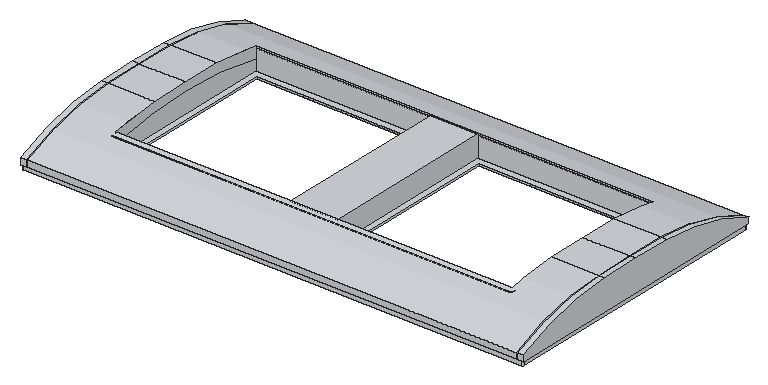
Revit family "Gira_0212808", category Electrical Fixtures, host Face, Revit 2017
Family settings
  Host = Face
  Maintain Annotation Orientation = No
  Round Connector Dimension = Use Diameter
  Part Type = Normal
  Cut with Voids When Loaded = No
  Shared = No
  Room Calculation Point = No
Parameters (values of type "Cov.fr. 2-g interm.fr. AN Gira Event p.white")
  With mounting grid = "No"
  With hinged lid = "No"
  URL = "http://katalog.gira.de/en/datenblatt.html?artikelnr=0212808"
  Type of fastening = "Clamp mounting"
  Transparent = "No"
  Surface protection = "Other"
  Suitable for wall duct = "No"
  Suitable for flush-mounted installation = "Yes"
  Suitable for floor box = "No"
  Suitable for built-in installation = "No"
  Number of units vertical = "2"
  Number of units horizontal = "2"
  Number of units = "2"
  Name = "Cov.fr. 2-g interm.fr. AN Gira Event p.white"
  Mounting direction = "Horizontal and vertical"
  Material quality = "Thermoplastic"
  Material = "Plastic"
  Manufacturer URL = "https://www.gira.de/"
  Manufacturer = "Gira"
  Label space/information surface = "No"
  Keynote = ""
  HeinzeBIM = "https://bimportal.heinze.de/bim/cov-fr-2-g-interm-fr-an-gira-event-p-white/f9400be9b4332244db4957fab69507b3a1bef0f8"
  Halogen free = "Yes"
  HAN = "0212808"
  GTIN = "4010337070122"
  Description = "Cov.fr.2g i.fr.AN Event PW,Gira Event frames,pure white glossy with anthracite intermediate frame,2-gang,Features:,- Shatter-proof."
  Degree of protection (IP) = "IP20"
  Default Elevation = 1219.2 mm
  Data sheet (1) = "https://katalog.gira.de/en/download.html?artikelnr=0212808"
  Colour = "White"
  Category = "Cover frame for domestic switching devices"
  BIM (1) = "https://media.stage.bim.site/public/gira/36a6b08/Event_Rahmen_2fach.rfa"
  Available = "No"
Reference planes
  plane 1 "Center (Front/Back)": y = 0
  plane 2: z = 0
  plane 3 "Center (Left/Right)": x = 0
Forms (mm)
  Extrusion 1, solid, detail levels fine
    sketch origin (0, 0, 0.05) x (0, 1, 0) y (0, 0, 1)
      loop
        arc (12.445, 9.683) -> (6.223, 9.833) -> (0, 9.85) r 291.636
        arc (0, 9.85) -> (-6.223, 9.833) -> (-12.445, 9.683) r 291.636
        arc (-12.445, 9.683) -> (-29.14, 7.482) -> (-45, 1.823) r 79.728
        line (-45, 1.823) -> (-45, -0.05) -> (-42.086, -0.05)
        arc (-42.086, -0.05) -> (-21.385, 5.559) -> (0, 7.206) r 114.424
        arc (0, 7.206) -> (21.385, 5.559) -> (42.086, -0.05) r 114.424
        line (42.086, -0.05) -> (45, -0.05) -> (45, 1.823)
        arc (45, 1.823) -> (29.14, 7.482) -> (12.445, 9.683) r 79.728
    from -78.55 to 78.55
  Extrusion 2, void, detail levels fine
    sketch origin (0, 0, 0) x (1, 0, 0) y (0, 1, 0)
      loop
        line (-63.55, -27.937) -> (63.55, -27.937) -> (63.55, 28.063) -> (-63.55, 28.063) -> (-63.55, -27.937)
    from 0.724 to 11
  Extrusion 3, solid, detail levels coarse
    sketch origin (0, 0, 0) x (1, 0, 0) y (0, 1, 0)
      loop
        line (-80.55, 45) -> (-80.55, -45) -> (80.55, -45) -> (80.55, 45) -> (-80.55, 45)
    from -1.5 to 9.9
  Extrusion 4, solid, detail levels medium
    sketch origin (0, 0, 0.05) x (0, 1, 0) y (0, 0, 1)
      loop
        arc (12.445, 9.683) -> (6.223, 9.833) -> (0, 9.85) r 291.636
        arc (0, 9.85) -> (-6.223, 9.833) -> (-12.445, 9.683) r 291.636
        arc (-12.445, 9.683) -> (-29.14, 7.482) -> (-45, 1.823) r 79.728
        line (-45, 1.823) -> (-45, -0.05) -> (45, -0.05) -> (45, 1.823)
        arc (45, 1.823) -> (29.14, 7.482) -> (12.445, 9.683) r 79.728
    from -80.55 to 80.55
  Extrusion 5, solid, detail levels fine
    sketch origin (-35.55, 0, -1.5) x (0, 1, 0) y (0, 0, -1)
      loop
        line (45, -3.373) -> (45, -1.5) -> (-45, -1.5) -> (-45, -3.373)
        arc (-45, -3.373) -> (-29.14, -9.032) -> (-12.445, -11.233) r 79.728
        arc (-12.445, -11.233) -> (-6.223, -11.383) -> (0, -11.4) r 291.636
        arc (0, -11.4) -> (6.223, -11.383) -> (12.445, -11.233) r 291.636
        arc (12.445, -11.233) -> (29.14, -9.032) -> (45, -3.373) r 79.728
    from 43 to 45
  Extrusion 6, solid, detail levels fine
    sketch origin (0, 0, 0) x (1, 0, 0) y (0, 1, 0)
      loop
        line (-61.45, 25.7) -> (-61.45, -25.7) -> (-9.65, -25.7) -> (-9.65, 25.7) -> (-61.45, 25.7)
      loop
        line (61.45, -25.7) -> (61.45, 25.7) -> (9.65, 25.7) -> (9.65, -25.7) -> (61.45, -25.7)
      loop
        line (-64.445, 28.49) -> (-64.445, -28.495)
        spline (-64.445, -28.495) -> (-64.436, -28.625) -> (-64.411, -28.754) -> (-64.369, -28.878) -> (-64.311, -28.995) -> (-64.238, -29.104) -> (-64.152, -29.202) -> (-64.054, -29.288) -> (-63.945, -29.361) -> (-63.828, -29.419) -> (-63.704, -29.461) -> (-63.575, -29.486) -> (-63.445, -29.495)
        line (-63.445, -29.495) -> (63.445, -29.495)
        spline (63.445, -29.495) -> (63.575, -29.486) -> (63.704, -29.461) -> (63.828, -29.419) -> (63.945, -29.361) -> (64.054, -29.288) -> (64.152, -29.202) -> (64.238, -29.104) -> (64.311, -28.995) -> (64.369, -28.878) -> (64.411, -28.754) -> (64.436, -28.625) -> (64.445, -28.495)
        line (64.445, -28.495) -> (64.445, 28.49)
        spline (64.445, 28.49) -> (64.436, 28.62) -> (64.411, 28.748) -> (64.369, 28.872) -> (64.311, 28.99) -> (64.238, 29.098) -> (64.152, 29.197) -> (64.054, 29.283) -> (63.945, 29.356) -> (63.828, 29.413) -> (63.704, 29.456) -> (63.575, 29.481) -> (63.445, 29.49)
        line (63.445, 29.49) -> (-63.445, 29.49)
        spline (-63.445, 29.49) -> (-63.575, 29.481) -> (-63.704, 29.456) -> (-63.828, 29.413) -> (-63.945, 29.356) -> (-64.054, 29.283) -> (-64.152, 29.197) -> (-64.238, 29.098) -> (-64.311, 28.99) -> (-64.369, 28.872) -> (-64.411, 28.748) -> (-64.436, 28.62) -> (-64.445, 28.49)
    from 0.1 to 7.3
  Extrusion 7, solid
    sketch origin (0, 0, 0) x (1, 0, 0) y (0, 1, 0)
      loop
        arc (-80.25, -44.2) -> (-80.104, -44.554) -> (-79.75, -44.7) r 0.5
        line (-79.75, -44.7) -> (79.75, -44.7)
        arc (79.75, -44.7) -> (80.104, -44.554) -> (80.25, -44.2) r 0.5
        line (80.25, -44.2) -> (80.25, 44.2)
        arc (80.25, 44.2) -> (80.104, 44.554) -> (79.75, 44.7) r 0.5
        line (79.75, 44.7) -> (-79.75, 44.7)
        arc (-79.75, 44.7) -> (-80.104, 44.554) -> (-80.25, 44.2) r 0.5
        line (-80.25, 44.2) -> (-80.25, -44.2)
      loop
        line (-78.55, 43) -> (-78.55, -43) -> (78.55, -43) -> (78.55, 43) -> (-78.55, 43)
    from -1.5 to 0.5
  Extrusion 8, solid, detail levels fine
    sketch origin (35.55, 0, -1.5) x (0, 1, 0) y (0, 0, 1)
      loop
        arc (45, 3.373) -> (29.14, 9.032) -> (12.445, 11.233) r 79.728
        arc (12.445, 11.233) -> (6.223, 11.383) -> (0, 11.4) r 291.636
        arc (0, 11.4) -> (-6.223, 11.383) -> (-12.445, 11.233) r 291.636
        arc (-12.445, 11.233) -> (-29.14, 9.032) -> (-45, 3.373) r 79.728
        line (-45, 3.373) -> (-45, 1.5) -> (45, 1.5) -> (45, 3.373)
    from 43 to 45
  Extrusion 9, solid, detail levels medium
    sketch origin (0, 0, 0) x (1, 0, 0) y (0, 1, 0)
      loop
        line (-80.25, -44.7) -> (80.25, -44.7) -> (80.25, 44.7) -> (-80.25, 44.7) -> (-80.25, -44.7)
    from -1.5 to 0.5
  Extrusion 10, solid, detail levels fine
    sketch origin (0, 0, 0) x (1, 0, 0) y (0, 1, 0)
      loop
        line (-7.55, 28.063) -> (-7.55, -27.937) -> (7.55, -27.937) -> (7.55, 28.063) -> (-7.55, 28.063)
    from 0.724 to 7.566
Cuts and joins
  Extrusion 2 cuts Extrusion 1
  Extrusion 2 cuts Extrusion 6
Dimensions and locks
  aligned and locked: plane 2 to host face
  aligned and locked: level to host face
